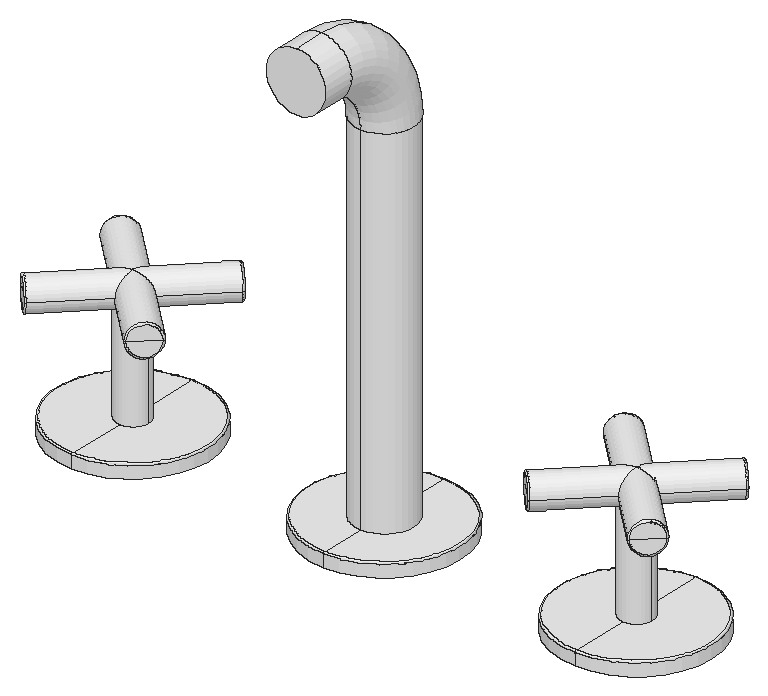
Revit family "Faucet-Wall_Mounted-Waterworks-Flyte", category Plumbing Fixtures, host Face, Revit 2014
Parameters (values of type "Cross Handles - Chrome")
  ‌Installation Requirements or Notes = if(Constraint = 2, "Standard flow rate is 1.2gpm (4.5 L/min) and meets State of California requirements.  Includes Valve: GULV25", "Standard flow rate is 1.2gpm (4.5 L/min) and meets State of California requirements.  Includes Valve: GULV27")  # "Standard flow rate is 1.2gpm (4.5 L/min) and meets State of California requirements.  Includes Valve: GULV27"
  Water Pressure = "Max: 80psi / Min: 20psi / Recommended: 45psi"  # constant formula
  Waste Connection = 1 = 0  # no
  Warranty = "http://www.waterworks.com/warranty"
  Version = "2014 - v1.0a"  # constant formula
  Vent Connection = 1 = 0  # no
  Valve Material = "Brass, Ceramic"  # constant formula
  Support Phone = "(224) 699-9545"  # constant formula
  Support Email = "mailto: support@anguleris.com"
  Model SKU = if(and(Constraint = 1, ControlM = 1), "07-70246-92616", if(and(Constraint = 1, ControlM = 2), "07-23156-90468", if(and(Constraint = 1, ControlM = 3), "07-99718-26428", if(and(Constraint = 2, ControlM = 1), "07-31735-89836", if(and(Constraint = 2, ControlM = 2), "07-44458-85550", if(and(Constraint = 2, ControlM = 3), "07-97398-21382", "Not Available"))))))  # "07-23156-90468"
  Manufacturer Email = "mailto: acallanan@waterworks.com"
  Lever Handles = if(Constraint = 2, 1 = 1, 1 = 0)  # no
  Length = if(Constraint = 1, 0' 10 3/8", 1' 2 5/16")  # 0' - 10 3/8"
  Keynote = "22 40 00"
  Hot Water Diameter = 0' - 0 1/2"  # constant formula
  Hot Water Connector = "Hot Water - Female NPT"  # constant formula
  Height = 0' - 2 7/8"  # constant formula
  HW Connection = 1 = 1  # yes
  Supply Spread = 0' - 8"  # constant formula
  WFU = 0
  URL = "http://www.waterworks.com/"
  Product Page URL = "http://www.waterworks.com/flyte-low-profile-three-hole-wall-mounted-lavatory-faucet-with-metal-cross-handles-and-valve-flls60"
  Product Name = if(Constraint = 2, "Flyte Low Profile Three Hole Wall Mounted Lavatory Faucet with Metal Lever Handles", "Flyte Low Profile Three Hole Wall Mounted Lavatory Faucet with Metal Cross Handles")  # "Flyte Low Profile Three Hole Wall Mounted Lavatory Faucet with Metal Cross Handles"
  Product Documentation Link = "http://assets.waterworks.com/wasset/44/original/50844.pdf"
  Pressure = 45.00 psi
  Model = if(Constraint = 1, "FLLS60", "FLLS70")  # "FLLS60"
  Material = ""
  Manufacturer Phone Number = "(203)546-6201"  # constant formula
  Manufacturer Address = "60 Backus Avenue, Danbury, CT 06810"  # constant formula
  Manufacturer = "Waterworks"  # constant formula
  HWFU = 0
  Fittings Hole Diameter = 0' - 1 3/8"  # constant formula
  Finish = Metal - Waterworks - Chrome
  Domestic Water Flow Rate = 1.2 GPM  # constant formula
  Desired Depth [instance] = 0' - 7 5/8"
  Description = if(and(Constraint = 1, ControlM = 1), "Flyte Low Profile Three Hole Wall Mounted Lavatory Faucet with Metal Cross Handles and Valve in Nickel", if(and(Constraint = 1, ControlM = 2), "Flyte Low Profile Three Hole Wall Mounted Lavatory Faucet with Metal Cross Handles and Valve in Chrome", if(and(Constraint = 1, ControlM = 3), "Flyte Low Profile Three Hole Wall Mounted Lavatory Faucet with Metal Cross Handles and Valve in Graphite", if(and(Constraint = 2, ControlM = 1), "Flyte Low Profile Three Hole Wall Mounted Lavatory Faucet with Metal Lever Handles and Valve in Nickel", if(and(Constraint = 2, ControlM = 2), "Flyte Low Profile Three Hole Wall Mounted Lavatory Faucet with Metal Lever Handles and Valve in Chrome", if(and(Constraint = 2, ControlM = 3), "Flyte Low Profile Three Hole Wall Mounted Lavatory Faucet with Metal Lever Handles and Valve in Graphite", "Not Available"))))))  # "Flyte Low Profile Three Hole Wall Mounted Lavatory Faucet with Metal Cross Handles and Valve in Chrome"
  Spout Reach = 0' - 7 1/2"  # constant formula
  Depth Note [instance] = "4 3/4'' - 7 5/8"  # constant formula
  Depth [instance] = C Depth  # 0' - 7 5/8"
  Default Elevation = 2' - 10"
  Cross Handles = not(Lever Handles)  # yes
  Copyright = "@2017 Waterworks Operating Company LLC. All rights reserved"  # constant formula
  ControlM = 2
  Constraint = 1
  Cold Water Diameter = 0' - 0 1/2"  # constant formula
  Cold Water Connector = "Cold Water - Female NPT"  # constant formula
  Code Compliance = if(Constraint = 1, "Code # FLLS60: CEC", "Code # FLLS70: CEC")  # "Code # FLLS60: CEC"
  CWFU = 0
  CW Connection = 1 = 1  # yes
  C Depth [instance] = if(Desired Depth < 0' 4 3/4", 0' 4 3/4", if(Desired Depth > 0' 7 5/8", 0' 7 5/8", Desired Depth))  # 0' - 7 5/8"
  Assembly Code = "D2010"
  ADA Compliant = 1 = 1  # yes
Types (6): name | ‌Installation Requirements or Notes | Model SKU | Lever Handles | Length | Product Page URL | Product Name | Product Documentation Link | Model | Finish | Description | Cross Handles | ControlM | Constraint | Code Compliance
  Lever Handles - Graphite | "Standard flow rate is 1.2gpm (4.5 L/min) and meets State of California requirements.  Includes Valve: GULV25" | "07-97398-21382" | yes | 1' - 2 5/16" | "http://www.waterworks.com/flyte-low-profile-three-hole-wall-mounted-lavatory-faucet-with-metal-lever-handles-and-valve-flls70" | "Flyte Low Profile Three Hole Wall Mounted Lavatory Faucet with Metal Lever Handles" | "http://assets.waterworks.com/wasset/45/original/50845.pdf" | "FLLS70" | Metal - Waterworks - Graphite | "Flyte Low Profile Three Hole Wall Mounted Lavatory Faucet with Metal Lever Handles and Valve in Graphite" | no | 3 | 2 | "Code # FLLS70: CEC"
  Lever Handles - Chrome | "Standard flow rate is 1.2gpm (4.5 L/min) and meets State of California requirements.  Includes Valve: GULV25" | "07-44458-85550" | yes | 1' - 2 5/16" | "http://www.waterworks.com/flyte-low-profile-three-hole-wall-mounted-lavatory-faucet-with-metal-lever-handles-and-valve-flls70" | "Flyte Low Profile Three Hole Wall Mounted Lavatory Faucet with Metal Lever Handles" | "http://assets.waterworks.com/wasset/45/original/50845.pdf" | "FLLS70" | Metal - Waterworks - Chrome | "Flyte Low Profile Three Hole Wall Mounted Lavatory Faucet with Metal Lever Handles and Valve in Chrome" | no | 2 | 2 | "Code # FLLS70: CEC"
  Lever Handles - Nickel | "Standard flow rate is 1.2gpm (4.5 L/min) and meets State of California requirements.  Includes Valve: GULV25" | "07-31735-89836" | yes | 1' - 2 5/16" | "http://www.waterworks.com/flyte-low-profile-three-hole-wall-mounted-lavatory-faucet-with-metal-lever-handles-and-valve-flls70" | "Flyte Low Profile Three Hole Wall Mounted Lavatory Faucet with Metal Lever Handles" | "http://assets.waterworks.com/wasset/45/original/50845.pdf" | "FLLS70" | Metal - Waterworks - Nickel | "Flyte Low Profile Three Hole Wall Mounted Lavatory Faucet with Metal Lever Handles and Valve in Nickel" | no | 1 | 2 | "Code # FLLS70: CEC"
  Cross Handles - Graphite | "Standard flow rate is 1.2gpm (4.5 L/min) and meets State of California requirements.  Includes Valve: GULV27" | "07-99718-26428" | no | 0' - 10 3/8" | "http://www.waterworks.com/flyte-low-profile-three-hole-wall-mounted-lavatory-faucet-with-metal-cross-handles-and-valve-flls60" | "Flyte Low Profile Three Hole Wall Mounted Lavatory Faucet with Metal Cross Handles" | "http://assets.waterworks.com/wasset/44/original/50844.pdf" | "FLLS60" | Metal - Waterworks - Graphite | "Flyte Low Profile Three Hole Wall Mounted Lavatory Faucet with Metal Cross Handles and Valve in Graphite" | yes | 3 | 1 | "Code # FLLS60: CEC"
  Cross Handles - Chrome | "Standard flow rate is 1.2gpm (4.5 L/min) and meets State of California requirements.  Includes Valve: GULV27" | "07-23156-90468" | no | 0' - 10 3/8" | "http://www.waterworks.com/flyte-low-profile-three-hole-wall-mounted-lavatory-faucet-with-metal-cross-handles-and-valve-flls60" | "Flyte Low Profile Three Hole Wall Mounted Lavatory Faucet with Metal Cross Handles" | "http://assets.waterworks.com/wasset/44/original/50844.pdf" | "FLLS60" | Metal - Waterworks - Chrome | "Flyte Low Profile Three Hole Wall Mounted Lavatory Faucet with Metal Cross Handles and Valve in Chrome" | yes | 2 | 1 | "Code # FLLS60: CEC"
  Cross Handles - Nickel | "Standard flow rate is 1.2gpm (4.5 L/min) and meets State of California requirements.  Includes Valve: GULV27" | "07-70246-92616" | no | 0' - 10 3/8" | "http://www.waterworks.com/flyte-low-profile-three-hole-wall-mounted-lavatory-faucet-with-metal-cross-handles-and-valve-flls60" | "Flyte Low Profile Three Hole Wall Mounted Lavatory Faucet with Metal Cross Handles" | "http://assets.waterworks.com/wasset/44/original/50844.pdf" | "FLLS60" | Metal - Waterworks - Nickel | "Flyte Low Profile Three Hole Wall Mounted Lavatory Faucet with Metal Cross Handles and Valve in Nickel" | yes | 1 | 1 | "Code # FLLS60: CEC"
Reference planes (in)
  plane 1 "Center (Front/Back)": y = 0
  plane 2 "Counter": z = 0
  plane 3 "Center (Left/Right)": x = 0
  plane 4 "Left handle": x = -4
  plane 5 "Right handle": x = 4
  plane 6 "Left": x = -5.20664
  plane 7 "Right": x = 5.20664
  plane 8: z = 7.15234
  plane 9: z = 2
  plane 10: z = 2.3125
  plane 11: z = 2.05469
  plane 12: y = 1.20664
  plane 13 "Front": y = -6.4375
  plane 14: x = -1.20664
  plane 15: x = 1.20664
  plane 16: x = -7.12627
  plane 17: x = 7.12627
  plane 18: x = -0.46682
  plane 19: x = 0.45781
  plane 20: z = 7.625
Forms (in)
  Sweep 1, solid, material "Metal - Waterworks - Chrome" <- "Finish"
    path origin (0, 0.575, 0) x (0, 1, 0) y (0, 0, 1)
      loop
        line (-0.575, 0) -> (-0.575, 5.90791)
        arc (-0.575, 5.90791) -> (-0.93949, 6.78786) -> (-1.81944, 7.15234) r 1.24443
        line (-1.81944, 7.15234) -> (-2.31944, 7.15234)
    profile origin (0, 0, 2.95396) x (0, -1, 0) y (1, 0, 0)
      loop
        circle (0, 0) r 0.47266
  Revolve 2, solid, material "Metal - Waterworks - Chrome" <- "Finish"
    sketch origin (0, 0, 0) x (0, 1, 0) y (0, 0, 1)
      loop
        line (0, 0.21654) -> (-1.18205, 0.21654)
        arc (-1.18205, 0.21654) -> (-1.19944, 0.20933) -> (-1.20664, 0.19194) r 0.02459
        line (-1.20664, 0.19194) -> (-1.20664, 0) -> (0, 0) -> (0, 0.21654)
      axis (0, 0.21654) -> (0, 0)
    angle from 0 to 360
  Revolve 3, solid, material "Metal - Waterworks - Chrome" <- "Finish"
    sketch origin (-4, 0, 0) x (0, 1, 0) y (0, 0, 1)
      loop
        line (0, 0.21654) -> (-1.18205, 0.21654)
        arc (-1.18205, 0.21654) -> (-1.19944, 0.20933) -> (-1.20664, 0.19194) r 0.02459
        line (-1.20664, 0.19194) -> (-1.20664, 0) -> (0, 0) -> (0, 0.21654)
      axis (0, 0.21654) -> (0, 0)
    angle from 0 to 360
  Revolve 4, solid, material "Metal - Waterworks - Chrome" <- "Finish"
    sketch origin (4, 0, 0) x (0, 1, 0) y (0, 0, 1)
      loop
        line (0, 0.21654) -> (-1.18205, 0.21654)
        arc (-1.18205, 0.21654) -> (-1.19944, 0.20933) -> (-1.20664, 0.19194) r 0.02459
        line (-1.20664, 0.19194) -> (-1.20664, 0) -> (0, 0) -> (0, 0.21654)
      axis (0, 0.21654) -> (0, 0)
    angle from 0 to 360
  Extrusion 5, solid, material "Metal - Waterworks - Chrome" <- "Finish", visible <- "Cross Handles"
    sketch origin (0, 0, 0) x (1, 0, 0) y (0, 1, 0)
      loop
        circle (-4, 0) r 0.25586
      loop
        circle (4, 0) r 0.25586
    from 0 to 1.98819
  Revolve 6, solid, material "Metal - Waterworks - Chrome" <- "Finish", visible <- "Cross Handles"
    sketch origin (-2.6265, -4, 2.05469) x (1, 0, 0) y (0, 1, 0)
      loop
        line (-2.14911, 2.86249) -> (-0.23599, 4.77561)
        arc (-0.23599, 4.77561) -> (-0.22948, 4.79132) -> (-0.23599, 4.80703) r 0.02222
        line (-0.23599, 4.80703) -> (-0.40123, 4.97227) -> (-2.34577, 3.02773) -> (-2.18054, 2.86249)
        arc (-2.18054, 2.86249) -> (-2.16482, 2.85598) -> (-2.14911, 2.86249) r 0.02222
      axis (-2.34577, 3.02773) -> (-0.40123, 4.97227)
    angle from 0 to 360
  Revolve 7, solid, material "Metal - Waterworks - Chrome" <- "Finish", visible <- "Cross Handles"
    sketch origin (5.3735, -4, 2.05469) x (1, 0, 0) y (0, 1, 0)
      loop
        line (-2.14911, 2.86249) -> (-0.23599, 4.77561)
        arc (-0.23599, 4.77561) -> (-0.22948, 4.79132) -> (-0.23599, 4.80703) r 0.02222
        line (-0.23599, 4.80703) -> (-0.40123, 4.97227) -> (-2.34577, 3.02773) -> (-2.18054, 2.86249)
        arc (-2.18054, 2.86249) -> (-2.16482, 2.85598) -> (-2.14911, 2.86249) r 0.02222
      axis (-2.34577, 3.02773) -> (-0.40123, 4.97227)
    angle from 0 to 360
  Revolve 8, solid, material "Metal - Waterworks - Chrome" <- "Finish", visible <- "Cross Handles"
    sketch origin (-8, -1.3735, 2.05469) x (0, -1, 0) y (1, 0, 0)
      loop
        line (-2.14911, 2.86249) -> (-0.23599, 4.77561)
        arc (-0.23599, 4.77561) -> (-0.22948, 4.79132) -> (-0.23599, 4.80703) r 0.02222
        line (-0.23599, 4.80703) -> (-0.40123, 4.97227) -> (-2.34577, 3.02773) -> (-2.18054, 2.86249)
        arc (-2.18054, 2.86249) -> (-2.16482, 2.85598) -> (-2.14911, 2.86249) r 0.02222
      axis (-2.34577, 3.02773) -> (-0.40123, 4.97227)
    angle from 0 to 360
  Revolve 9, solid, material "Metal - Waterworks - Chrome" <- "Finish", visible <- "Cross Handles"
    sketch origin (0, -1.3735, 2.05469) x (0, -1, 0) y (1, 0, 0)
      loop
        line (-2.14911, 2.86249) -> (-0.23599, 4.77561)
        arc (-0.23599, 4.77561) -> (-0.22948, 4.79132) -> (-0.23599, 4.80703) r 0.02222
        line (-0.23599, 4.80703) -> (-0.40123, 4.97227) -> (-2.34577, 3.02773) -> (-2.18054, 2.86249)
        arc (-2.18054, 2.86249) -> (-2.16482, 2.85598) -> (-2.14911, 2.86249) r 0.02222
      axis (-2.34577, 3.02773) -> (-0.40123, 4.97227)
    angle from 0 to 360
  Sweep 10, solid, material "Metal - Waterworks - Chrome" <- "Finish", visible <- "Lever Handles"
    path origin (0, 0, 0) x (1, 0, 0) y (0, 0, 1)
      loop
        line (-4, 0) -> (-4, 1.56445)
        arc (-4, 1.56445) -> (-4.14359, 1.9111) -> (-4.49024, 2.05469) r 0.49024
        line (-4.49024, 2.05469) -> (-7.12627, 2.05469)
    profile origin (-4, 0, 0.78222) x (-1, 0, 0) y (0, -1, 0)
      loop
        circle (0, 0) r 0.25781
  Sweep 11, solid, material "Metal - Waterworks - Chrome" <- "Finish", visible <- "Lever Handles"
    path origin (0, 0, 0) x (-1, 0, 0) y (0, 0, 1)
      loop
        line (-4, 0) -> (-4, 1.56445)
        arc (-4, 1.56445) -> (-4.14359, 1.9111) -> (-4.49024, 2.05469) r 0.49024
        line (-4.49024, 2.05469) -> (-7.12627, 2.05469)
    profile origin (4, 0, 0.78222) x (-1, 0, 0) y (0, -1, 0)
      loop
        circle (0, 0) r 0.25781
Cuts and joins
  joined: Sweep 1, Revolve 2
Lines and regions (in)
  Masking region 1, detail levels coarse
    outline origin (0, 0, 0) x (1, 0, 0) y (0, 0, 1)
      loop
        line (0.47266, 0.21654) -> (0.47266, 7.15234)
        arc (0.47266, 7.15234) -> (0, 7.625) -> (-0.47266, 7.15234) r 0.47266
        line (-0.47266, 7.15234) -> (-0.47266, 0.21654) -> (-1.20664, 0.21654) -> (-1.20664, 0) -> (1.20664, 0) -> (1.20664, 0.21654) -> (0.47266, 0.21654)
  Masking region 2, visible <- "Cross Handles", detail levels coarse
    outline origin (0, 0, 0) x (1, 0, 0) y (0, 0, 1)
      loop
        line (2.79336, 0) -> (5.20664, 0) -> (5.20664, 0.21654) -> (4.25781, 0.21654) -> (4.25781, 1.79687) -> (5.14402, 1.79687) -> (5.14402, 2.3125) -> (2.85598, 2.3125) -> (2.85598, 1.79687) -> (3.74219, 1.79687) -> (3.74219, 0.21654) -> (2.79336, 0.21654) -> (2.79336, 0)
      loop
        line (-2.79336, 0) -> (-2.79336, 0.21654) -> (-3.74219, 0.21654) -> (-3.74219, 1.79687) -> (-2.85598, 1.79687) -> (-2.85598, 2.3125) -> (-5.14402, 2.3125) -> (-5.14402, 1.79687) -> (-4.25781, 1.79687) -> (-4.25781, 0.21654) -> (-5.20664, 0.21654) -> (-5.20664, 0) -> (-2.79336, 0)
  Masking region 3, visible <- "Cross Handles", detail levels medium+fine
    outline origin (0, 0, 0) x (1, 0, 0) y (0, 0, 1)
      loop
        line (2.79336, 0) -> (5.20664, 0) -> (5.20664, 0.15404)
        arc (5.20664, 0.15404) -> (5.18834, 0.19823) -> (5.14414, 0.21654) r 0.0625
        line (5.14414, 0.21654) -> (4.25781, 0.21654) -> (4.25781, 1.79687) -> (4.95652, 1.79687)
        spline (4.95652, 1.79687) -> (5.00505, 1.80566) -> (5.05027, 1.83142) -> (5.0891, 1.87239) -> (5.1189, 1.92578) -> (5.13763, 1.98796) -> (5.14402, 2.05469) -> (5.13763, 2.12141) -> (5.1189, 2.18359) -> (5.0891, 2.23699) -> (5.05027, 2.27796) -> (5.00505, 2.30372) -> (4.95652, 2.3125)
        line (4.95652, 2.3125) -> (3.04348, 2.3125)
        spline (3.04348, 2.3125) -> (2.99495, 2.30372) -> (2.94973, 2.27796) -> (2.9109, 2.23699) -> (2.8811, 2.18359) -> (2.86237, 2.12141) -> (2.85598, 2.05469) -> (2.86237, 1.98796) -> (2.8811, 1.92578) -> (2.9109, 1.87239) -> (2.94973, 1.83142) -> (2.99495, 1.80566) -> (3.04348, 1.79687)
        line (3.04348, 1.79687) -> (3.74219, 1.79687) -> (3.74219, 0.21654) -> (2.85586, 0.21654)
        arc (2.85586, 0.21654) -> (2.81166, 0.19823) -> (2.79336, 0.15404) r 0.0625
        line (2.79336, 0.15404) -> (2.79336, 0)
      loop
        line (-2.79336, 0) -> (-2.79336, 0.15404)
        arc (-2.79336, 0.15404) -> (-2.81166, 0.19823) -> (-2.85586, 0.21654) r 0.0625
        line (-2.85586, 0.21654) -> (-3.74219, 0.21654) -> (-3.74219, 1.79687) -> (-3.04348, 1.79687)
        spline (-3.04348, 1.79687) -> (-2.99495, 1.80566) -> (-2.94973, 1.83142) -> (-2.9109, 1.87239) -> (-2.8811, 1.92578) -> (-2.86237, 1.98796) -> (-2.85598, 2.05469) -> (-2.86237, 2.12141) -> (-2.8811, 2.18359) -> (-2.9109, 2.23699) -> (-2.94973, 2.27796) -> (-2.99495, 2.30372) -> (-3.04348, 2.3125)
        line (-3.04348, 2.3125) -> (-4.95652, 2.3125)
        spline (-4.95652, 2.3125) -> (-5.00505, 2.30372) -> (-5.05027, 2.27796) -> (-5.0891, 2.23699) -> (-5.1189, 2.18359) -> (-5.13763, 2.12141) -> (-5.14402, 2.05469) -> (-5.13763, 1.98796) -> (-5.1189, 1.92578) -> (-5.0891, 1.87239) -> (-5.05027, 1.83142) -> (-5.00505, 1.80566) -> (-4.95652, 1.79687)
        line (-4.95652, 1.79687) -> (-4.25781, 1.79687) -> (-4.25781, 0.21654) -> (-5.14414, 0.21654)
        arc (-5.14414, 0.21654) -> (-5.18834, 0.19823) -> (-5.20664, 0.15404) r 0.0625
        line (-5.20664, 0.15404) -> (-5.20664, 0) -> (-2.79336, 0)
  Masking region 4, visible <- "Lever Handles", detail levels coarse
    outline origin (0, 0, 0) x (1, 0, 0) y (0, 0, 1)
      loop
        line (2.79336, 0) -> (5.20664, 0) -> (5.20664, 0.21654) -> (4.25781, 0.21654) -> (4.25781, 1.54687)
        arc (4.25781, 1.54687) -> (4.33104, 1.72365) -> (4.50781, 1.79687) r 0.25
        line (4.50781, 1.79687) -> (7.12627, 1.79687) -> (7.12627, 2.3125) -> (4.50781, 2.3125)
        arc (4.50781, 2.3125) -> (3.96643, 2.08825) -> (3.74219, 1.54687) r 0.76562
        line (3.74219, 1.54687) -> (3.74219, 0.21654) -> (2.79336, 0.21654) -> (2.79336, 0)
      loop
        line (-2.79336, 0) -> (-2.79336, 0.21654) -> (-3.74219, 0.21654) -> (-3.74219, 1.54687)
        arc (-3.74219, 1.54687) -> (-3.96643, 2.08825) -> (-4.50781, 2.3125) r 0.76562
        line (-4.50781, 2.3125) -> (-7.12627, 2.3125) -> (-7.12627, 1.79687) -> (-4.50781, 1.79687)
        arc (-4.50781, 1.79687) -> (-4.33104, 1.72365) -> (-4.25781, 1.54687) r 0.25
        line (-4.25781, 1.54687) -> (-4.25781, 0.21654) -> (-5.20664, 0.21654) -> (-5.20664, 0) -> (-2.79336, 0)
  Masking region 5, visible <- "Lever Handles", detail levels medium+fine
    outline origin (0, 0, 0) x (1, 0, 0) y (0, 0, 1)
      loop
        line (2.79336, 0) -> (5.20664, 0) -> (5.20664, 0.15404)
        arc (5.20664, 0.15404) -> (5.18834, 0.19823) -> (5.14414, 0.21654) r 0.0625
        line (5.14414, 0.21654) -> (4.25781, 0.21654) -> (4.25781, 1.54687)
        arc (4.25781, 1.54687) -> (4.33104, 1.72365) -> (4.50781, 1.79687) r 0.25
        line (4.50781, 1.79687) -> (7.12627, 1.79687) -> (7.12627, 2.3125) -> (4.50781, 2.3125)
        arc (4.50781, 2.3125) -> (3.96643, 2.08825) -> (3.74219, 1.54687) r 0.76562
        line (3.74219, 1.54687) -> (3.74219, 0.21654) -> (2.85586, 0.21654)
        arc (2.85586, 0.21654) -> (2.81166, 0.19823) -> (2.79336, 0.15404) r 0.0625
        line (2.79336, 0.15404) -> (2.79336, 0)
      loop
        line (-2.79336, 0) -> (-2.79336, 0.15404)
        arc (-2.79336, 0.15404) -> (-2.81166, 0.19823) -> (-2.85586, 0.21654) r 0.0625
        line (-2.85586, 0.21654) -> (-3.74219, 0.21654) -> (-3.74219, 1.54687)
        arc (-3.74219, 1.54687) -> (-3.96643, 2.08825) -> (-4.50781, 2.3125) r 0.76562
        line (-4.50781, 2.3125) -> (-7.12627, 2.3125) -> (-7.12627, 1.79687) -> (-4.50781, 1.79687)
        arc (-4.50781, 1.79687) -> (-4.33104, 1.72365) -> (-4.25781, 1.54687) r 0.25
        line (-4.25781, 1.54687) -> (-4.25781, 0.21654) -> (-5.14414, 0.21654)
        arc (-5.14414, 0.21654) -> (-5.18834, 0.19823) -> (-5.20664, 0.15404) r 0.0625
        line (-5.20664, 0.15404) -> (-5.20664, 0) -> (-2.79336, 0)
  Masking region 6, detail levels medium+fine
    outline origin (0, 0, 0) x (1, 0, 0) y (0, 0, 1)
      loop
        line (0.47266, 0.21654) -> (0.47266, 7.15234)
        arc (0.47266, 7.15234) -> (0, 7.625) -> (-0.47266, 7.15234) r 0.47266
        line (-0.47266, 7.15234) -> (-0.47266, 0.21654) -> (-1.14414, 0.21654)
        arc (-1.14414, 0.21654) -> (-1.18834, 0.19823) -> (-1.20664, 0.15404) r 0.0625
        line (-1.20664, 0.15404) -> (-1.20664, 0) -> (1.20664, 0) -> (1.20664, 0.15404)
        arc (1.20664, 0.15404) -> (1.18834, 0.19823) -> (1.14414, 0.21654) r 0.0625
        line (1.14414, 0.21654) -> (0.47266, 0.21654)
  reference lines
    curve 1: circle (0, 0, 0) r 1.20664 normal (0, 0, 1)
  symbolic lines, detail levels fine
    curve 2: line (4.25781, 0, 0.21654) -> (3.74219, 0, 0.21654)
    curve 3: line (-3.74219, 0, 0.21654) -> (-4.25781, 0, 0.21654)
  symbolic lines
    curve 4: line (0.47266, 0, 0.21654) -> (-0.47266, 0, 0.21654)
Dimensions and locks (in)
  "Supply Spread": plane 5 "Right handle" to plane 4 "Left handle"
  equal spacing: plane 5 "Right handle", plane 3 "Center (Left/Right)", plane 4 "Left handle"
  locked: plane 9 to plane 2 "Counter" at 2
  locked: Extrusion 5 sketch curve to plane 4 "Left handle" at 0.25586
  locked: Extrusion 5 sketch curve to plane 5 "Right handle" at 0.25586
  Extrusion 5 sketch curve to Extrusion 5 sketch curve to plane 1 "Center (Front/Back)" = 0' - 0" locked, 0' - 0.25586" locked
  locked: plane 10 to plane 2 "Counter" at 2.3125
  locked: plane 1 "Center (Front/Back)" to plane 13 "Front" at 6.4375
  locked: plane 10 to plane 11 at 0.25781
  plane 14 to plane 3 "Center (Left/Right)" to plane 15 = 0' - 1.20664" locked, 0' - 1.20664" locked
  plane 1 "Center (Front/Back)" to Revolve 4 sketch curve to Revolve 4 sketch curve to Revolve 4 sketch curve = 0' - 0" locked, 0' - 0" locked, 0' - 1.20664" locked
  Revolve 4 sketch curve to plane 2 "Counter" to Revolve 4 sketch curve = 0' - 0.21654" locked, 0' - 0" locked
  plane 1 "Center (Front/Back)" to Revolve 2 sketch curve to Revolve 2 sketch curve to Revolve 2 sketch curve = 0' - 0" locked, 0' - 0" locked, 0' - 1.20664" locked
  Revolve 2 sketch curve to plane 2 "Counter" to Revolve 2 sketch curve = 0' - 0.21654" locked, 0' - 0" locked
  plane 1 "Center (Front/Back)" to Revolve 3 sketch curve to Revolve 3 sketch curve to Revolve 3 sketch curve = 0' - 0" locked, 0' - 0" locked, 0' - 1.20664" locked
  Revolve 3 sketch curve to plane 2 "Counter" to Revolve 3 sketch curve = 0' - 0.21654" locked, 0' - 0" locked
  locked: Sweep 1 sketch curve to plane 1 "Center (Front/Back)" at 0.47266
  locked: Sweep 1 sketch curve to plane 3 "Center (Left/Right)" at 0.47266
  Revolve 6 sketch curve to Revolve 6 sketch curve to Revolve 6 sketch curve to Revolve 6 sketch curve to plane 4 "Left handle" to Revolve 6 sketch curve to Revolve 6 sketch curve to Revolve 6 sketch curve to Revolve 6 sketch curve = 0' - 0.55656" locked, 0' - 0.16524" locked, 0' - 0.03143" locked, 0' - 0.77561" locked, 0' - 0.97227" locked, 0' - 0.16524" locked, 0' - 0" locked, 0' - 0.33887" locked
  Revolve 6 sketch curve to Revolve 6 sketch curve to Revolve 6 sketch curve to Revolve 6 sketch curve to plane 1 "Center (Front/Back)" to Revolve 6 sketch curve to Revolve 6 sketch curve to Revolve 6 sketch curve to Revolve 6 sketch curve = 0' - 0.39132" locked, 0' - 0" locked, 0' - 0.16524" locked, 0' - 0.97227" locked, 0' - 0.77561" locked, 0' - 0.03143" locked, 0' - 0.16524" locked, 0' - 0.5041" locked
  Revolve 7 sketch curve to Revolve 7 sketch curve to Revolve 7 sketch curve to Revolve 7 sketch curve to plane 5 "Right handle" to Revolve 7 sketch curve to Revolve 7 sketch curve to Revolve 7 sketch curve to Revolve 7 sketch curve = 0' - 0.55656" locked, 0' - 0.16524" locked, 0' - 0.03143" locked, 0' - 0.77561" locked, 0' - 0.97227" locked, 0' - 0.16524" locked, 0' - 0" locked, 0' - 0.33887" locked
  Revolve 7 sketch curve to Revolve 7 sketch curve to Revolve 7 sketch curve to Revolve 7 sketch curve to plane 1 "Center (Front/Back)" to Revolve 7 sketch curve to Revolve 7 sketch curve to Revolve 7 sketch curve to Revolve 7 sketch curve = 0' - 0.39132" locked, 0' - 0" locked, 0' - 0.16524" locked, 0' - 0.97227" locked, 0' - 0.77561" locked, 0' - 0.03143" locked, 0' - 0.16524" locked, 0' - 0.5041" locked
  Revolve 8 sketch curve to Revolve 8 sketch curve to Revolve 8 sketch curve to Revolve 8 sketch curve to plane 1 "Center (Front/Back)" to Revolve 8 sketch curve to Revolve 8 sketch curve to Revolve 8 sketch curve to Revolve 8 sketch curve = 0' - 0.55656" locked, 0' - 0.16524" locked, 0' - 0.03143" locked, 0' - 0.77561" locked, 0' - 0.97227" locked, 0' - 0.16524" locked, 0' - 0" locked, 0' - 0.33887" locked
  Revolve 8 sketch curve to Revolve 8 sketch curve to Revolve 8 sketch curve to Revolve 8 sketch curve to plane 4 "Left handle" to Revolve 8 sketch curve to Revolve 8 sketch curve to Revolve 8 sketch curve to Revolve 8 sketch curve = 0' - 0.39132" locked, 0' - 0" locked, 0' - 0.16524" locked, 0' - 0.97227" locked, 0' - 0.77561" locked, 0' - 0.03143" locked, 0' - 0.16524" locked, 0' - 0.5041" locked
  Revolve 9 sketch curve to Revolve 9 sketch curve to Revolve 9 sketch curve to Revolve 9 sketch curve to plane 1 "Center (Front/Back)" to Revolve 9 sketch curve to Revolve 9 sketch curve to Revolve 9 sketch curve to Revolve 9 sketch curve = 0' - 0.55656" locked, 0' - 0.16524" locked, 0' - 0.03143" locked, 0' - 0.77561" locked, 0' - 0.97227" locked, 0' - 0.16524" locked, 0' - 0" locked, 0' - 0.33887" locked
  Revolve 9 sketch curve to Revolve 9 sketch curve to Revolve 9 sketch curve to Revolve 9 sketch curve to plane 5 "Right handle" to Revolve 9 sketch curve to Revolve 9 sketch curve to Revolve 9 sketch curve to Revolve 9 sketch curve = 0' - 0.39132" locked, 0' - 0" locked, 0' - 0.16524" locked, 0' - 0.97227" locked, 0' - 0.77561" locked, 0' - 0.03143" locked, 0' - 0.16524" locked, 0' - 0.5041" locked
  locked: plane 5 "Right handle" to plane 7 "Right" at 1.20664
  locked: plane 6 "Left" to plane 4 "Left handle" at 1.20664
  locked: plane 4 "Left handle" to Sweep 10 sketch curve at 3.12627
  locked: plane 4 "Left handle" to Sweep 10 sketch curve at 0.25781
  locked: Sweep 10 sketch curve to plane 1 "Center (Front/Back)" at 0.25781
  locked: Sweep 11 sketch curve to plane 1 "Center (Front/Back)" at 0.25781
  locked: plane 5 "Right handle" to Sweep 11 sketch curve at 0.25781
  locked: Sweep 11 sketch curve to plane 5 "Right handle" at 3.12627
  locked: plane 16 to plane 4 "Left handle" at 3.12627
  locked: plane 5 "Right handle" to plane 17 at 3.12627
  locked: plane 18 to plane 19 at 0.92463
  locked: plane 8 to Sweep 1 sketch curve at 1.24443
  plane 1 "Center (Front/Back)" to Sweep 1 sketch curve to Sweep 1 sketch curve = 0' - 1.24443" locked, 0' - 0 1/2" locked
  Masking region 2 sketch curve to Masking region 2 sketch curve to plane 5 "Right handle" to Masking region 2 sketch curve to Masking region 2 sketch curve to Masking region 2 sketch curve = 0' - 0.8862" locked, 0' - 0 33/128" locked, 0' - 0 33/128" locked, 0' - 0.8862" locked, 0' - 0.06263" locked
  Masking region 2 sketch curve to Masking region 2 sketch curve to Masking region 2 sketch curve to plane 4 "Left handle" to Masking region 2 sketch curve = 0' - 0.06263" locked, 0' - 0.8862" locked, 0' - 0 33/128" locked, 0' - 0 33/128" locked
  Masking region 2 sketch curve to Masking region 2 sketch curve to Masking region 2 sketch curve to Masking region 2 sketch curve to plane 9 = 0' - 0" locked, 0' - 0" locked, 0' - 0" locked, 0' - 0 13/64" locked
  Masking region 3 sketch curve to Masking region 3 sketch curve to Masking region 3 sketch curve to plane 5 "Right handle" to Masking region 3 sketch curve to Masking region 3 sketch curve to Masking region 3 sketch curve = 0' - 0.18763" locked, 0' - 0.6987" locked, 0' - 0 33/128" locked, 0' - 0 33/128" locked, 0' - 0.6987" locked, 0' - 0.18763" locked
  Masking region 3 sketch curve to Masking region 3 sketch curve to Masking region 3 sketch curve to plane 4 "Left handle" to Masking region 3 sketch curve to Masking region 3 sketch curve to Masking region 3 sketch curve = 0' - 0.18763" locked, 0' - 0.6987" locked, 0' - 0 33/128" locked, 0' - 0 33/128" locked, 0' - 0.6987" locked, 0' - 0.18763" locked
  Masking region 4 sketch curve to Masking region 4 sketch curve to plane 4 "Left handle" to Masking region 4 sketch curve to Masking region 4 sketch curve to Masking region 4 sketch curve = 0' - 0.94883" locked, 0' - 0 33/128" locked, 0' - 0 33/128" locked, 0' - 0 1/4" locked, 0' - 0" locked
  Masking region 4 sketch curve to Masking region 4 sketch curve to Masking region 4 sketch curve to plane 5 "Right handle" to Masking region 4 sketch curve to Masking region 4 sketch curve = 0' - 0" locked, 0' - 0 1/4" locked, 0' - 0 33/128" locked, 0' - 0 33/128" locked, 0' - 0.94883" locked
  Masking region 4 sketch curve to Masking region 4 sketch curve to Masking region 4 sketch curve to Masking region 4 sketch curve to Masking region 4 sketch curve to Masking region 4 sketch curve to plane 10 = 0' - 0" locked, 0' - 0" locked, 0' - 0" locked, 0' - 0 1/4" locked, 0' - 0" locked, 0' - 0 33/64" locked
  Masking region 5 sketch curve to Masking region 5 sketch curve to Masking region 5 sketch curve to Masking region 5 sketch curve to plane 5 "Right handle" to Masking region 5 sketch curve to Masking region 5 sketch curve to Masking region 5 sketch curve = 0' - 0.63633" locked, 0' - 0" locked, 0' - 0 1/4" locked, 0' - 0 33/128" locked, 0' - 0 33/128" locked, 0' - 0.88633" locked, 0' - 0 1/16" locked
  Masking region 5 sketch curve to Masking region 5 sketch curve to Masking region 5 sketch curve to plane 4 "Left handle" to Masking region 5 sketch curve to Masking region 5 sketch curve to Masking region 5 sketch curve to Masking region 5 sketch curve = 0' - 0 1/16" locked, 0' - 0.88633" locked, 0' - 0 33/128" locked, 0' - 0 33/128" locked, 0' - 0 1/4" locked, 0' - 0" locked, 0' - 0.63633" locked
  locked: plane 20 to plane 8 at 0.47266
  "C Depth": plane 20 to level
  aligned and locked: plane 2 "Counter" to host face
  aligned and locked: level to host face
  aligned and locked: plane 4 "Left handle" to Sweep 10 sketch curve
  aligned and locked: plane 11 to Sweep 10 sketch curve
  aligned and locked: plane 2 "Counter" to Sweep 10 sketch curve
  aligned and locked: plane 5 "Right handle" to Sweep 11 sketch curve
  aligned and locked: plane 11 to Sweep 11 sketch curve
  aligned and locked: plane 2 "Counter" to Sweep 11 sketch curve
  aligned and locked: plane 1 "Center (Front/Back)" to Sweep 1 sketch curve
  aligned and locked: plane 2 "Counter" to Sweep 1 sketch curve
  aligned and locked: Sweep 1 sketch curve to plane 8
  aligned and locked: plane 8 to Masking region 1 sketch curve
  aligned and locked: plane 3 "Center (Left/Right)" to Masking region 1 sketch curve
  aligned and locked: Masking region 1 sketch curve to plane 15
  aligned and locked: Masking region 1 sketch curve to plane 2 "Counter"
  aligned and locked: plane 14 to Masking region 1 sketch curve
  aligned and locked: Masking region 1 sketch curve to cut or joined group of Sweep 1, Revolve 2  (x2)
  aligned and locked: Masking region 2 sketch curve to Masking region 1  (x4)
  aligned and locked: Masking region 2 sketch curve to plane 10
  aligned and locked: plane 2 "Counter" to Masking region 2 sketch curve
  aligned and locked: Masking region 3 sketch curve to plane 7 "Right"
  aligned and locked: Masking region 3 sketch curve to plane 6 "Left"
  aligned and locked: Masking region 3 sketch curve to plane 2 "Counter"
  aligned and locked: plane 2 "Counter" to Masking region 3 sketch curve
  aligned and locked: Masking region 3 sketch curve to Masking region 1  (x4)
  aligned and locked: plane 17 to Masking region 4 sketch curve
  aligned and locked: plane 16 to Masking region 4 sketch curve
  aligned and locked: plane 2 "Counter" to Masking region 4 sketch curve
  aligned and locked: Masking region 4 sketch curve to plane 2 "Counter"
  aligned and locked: Masking region 4 sketch curve to plane 6 "Left"
  aligned and locked: Masking region 4 sketch curve to plane 7 "Right"
  aligned and locked: Masking region 4 sketch curve to Masking region 1  (x4)
  aligned and locked: plane 17 to Masking region 5 sketch curve
  aligned and locked: plane 2 "Counter" to Masking region 5 sketch curve
  aligned and locked: Masking region 5 sketch curve to plane 7 "Right"
  aligned and locked: Masking region 5 sketch curve to plane 10
  aligned and locked: plane 10 to Masking region 5 sketch curve
  aligned and locked: plane 16 to Masking region 5 sketch curve
  aligned and locked: Masking region 5 sketch curve to plane 2 "Counter"
  aligned and locked: Masking region 5 sketch curve to plane 6 "Left"
  aligned and locked: Masking region 5 sketch curve to Masking region 1  (x4)
  aligned and locked: Masking region 2 to curve 2
  aligned and locked: Masking region 2 to curve 3
  aligned and locked: curve 3 to Masking region 5
  aligned and locked: Masking region 5 to curve 3
  aligned and locked: curve 2 to Masking region 5
  aligned and locked: Masking region 5 to curve 2
  aligned and locked: Masking region 1 to curve 4  (x2)
  aligned and locked: curve 4 to Masking region 1
  aligned and locked: Masking region 6 sketch curve to Masking region 1  (x2)
  aligned and locked: plane 14 to Masking region 6 sketch curve
  aligned and locked: Masking region 6 sketch curve to plane 15
  aligned and locked: Masking region 6 sketch curve to plane 2 "Counter"
  aligned and locked: plane 8 to Masking region 6 sketch curve
  aligned and locked: plane 3 "Center (Left/Right)" to Masking region 6 sketch curve
Automatic sketch dimensions
  host sketch curve to host sketch curve = 8' - 0"  (x2)
  Sweep 1 sketch curve to plane 3 "Center (Left/Right)" = 0' - 0"
  Revolve 2 sketch curve to Revolve 2 sketch curve = 0' - 0.02459"
  Revolve 2 sketch curve to level = 0' - 0.1352"
  Revolve 2 sketch curve to Revolve 2 sketch curve = 0' - 0"
  Revolve 3 sketch curve to Revolve 3 sketch curve = 0' - 0.02459"
  Revolve 3 sketch curve to level = 0' - 0.1352"
  Revolve 3 sketch curve to Revolve 3 sketch curve = 0' - 0"
  Revolve 4 sketch curve to Revolve 4 sketch curve = 0' - 0.02459"
  Revolve 4 sketch curve to level = 0' - 0.1352"
  Revolve 4 sketch curve to Revolve 4 sketch curve = 0' - 0"
  plane 1 "Center (Front/Back)" to Extrusion 5 sketch curve = 0' - 0"  (x2)
  Revolve 6 sketch curve to Revolve 6 sketch curve = 0' - 0.01571"  (x2)
  plane 1 "Center (Front/Back)" to curve 1 = 0' - 0"
  curve 1 to plane 3 "Center (Left/Right)" = 0' - 0"
  Revolve 7 sketch curve to Revolve 7 sketch curve = 0' - 0.01571"  (x2)
  Revolve 8 sketch curve to Revolve 8 sketch curve = 0' - 0.01571"  (x2)
  Revolve 9 sketch curve to Revolve 9 sketch curve = 0' - 0.01571"  (x2)
  plane 9 to Sweep 10 sketch curve = 0' - 0.43555"
  plane 1 "Center (Front/Back)" to Sweep 10 sketch curve = 0' - 0"
  Sweep 11 sketch curve to plane 5 "Right handle" = 0' - 0.49024"
  Sweep 11 sketch curve to profile plane = 0' - 0"
  Masking region 1 sketch curve to plane 18 = 0' - 0.00584"
  Masking region 2 sketch curve to level = 0' - 0"
  Masking region 2 sketch curve to plane 6 "Left" = 0' - 0"
  Masking region 2 sketch curve to plane 10 = 0' - 0"
  Masking region 2 sketch curve to plane 7 "Right" = 0' - 0"
  plane 6 "Left" to Masking region 2 sketch curve = 0' - 0.06263"
  Masking region 3 sketch curve to plane 11 = 0' - 0"  (x4)
  Masking region 3 sketch curve to plane 10 = 0' - 0"  (x2)
  Masking region 3 sketch curve to Masking region 3 sketch curve = 0' - 0 1/16"  (x2)
  Masking region 5 sketch curve to Masking region 5 sketch curve = 0' - 0"  (x2)
  Masking region 6 sketch curve to plane 14 = 0' - 0 1/16"
  Masking region 6 sketch curve to plane 18 = 0' - 0.00584"
  Masking region 6 sketch curve to Masking region 6 sketch curve = 0' - 0 1/16"
  radius of curve 1 = 0' - 1.20664"
Connectors (in)
  piping at (4, 0, 0), diameter 0.5, driven by "Cold Water Diameter", driven by "Cold Water Connector", driven by "Domestic Water Flow Rate"
    settings: on Revolve 4, index 1, connector inside diameter 24", connector length 0' - 0", flow factor 0, pipe flow 1.2 GPM, pressure drop 0.00 psi, fitting loss kfactor 0, connector angle 0.00°, fixture units 0, engagement length 0' - 0", angle of deflection 0.00°, flow configuration 0, flow direction 1, fitting loss method 0, system type 20, joint type 0, gender type 0, connector reference index -1, connector utility 0, adjustable connector no, is connector primary yes, connector description "Cold Water - Female NPT"
  piping at (-4, 0, 0), diameter 0.5, driven by "Domestic Water Flow Rate", driven by "Hot Water Diameter", driven by "Hot Water Connector"
    settings: on Revolve 3, index 2, connector inside diameter 24", connector length 0' - 0", flow factor 0, pipe flow 1.2 GPM, pressure drop 0.00 psi, fitting loss kfactor 0, connector angle 0.00°, fixture units 0, engagement length 0' - 0", angle of deflection 0.00°, flow configuration 0, flow direction 1, fitting loss method 0, system type 19, joint type 0, gender type 0, connector reference index -1, connector utility 0, adjustable connector no, is connector primary no, connector description "Hot Water - Female NPT"
